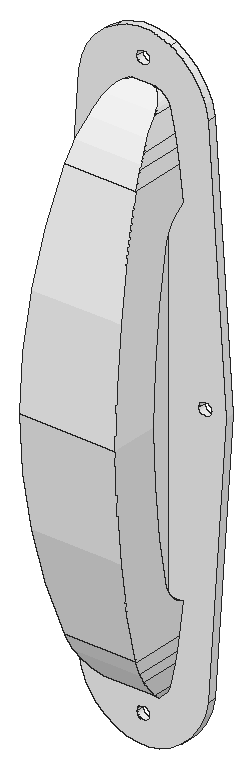
Revit family "KingswayGroup_PllHndls_ErgoGripAnti-LigatureHandleOnBackPlate", category Specialty Equipment, Revit 2020
Family settings
  Round Connector Dimension = Use Diameter
  Part Type = Normal
  Work Plane-Based = No
  Always vertical = Yes
  Cut with Voids When Loaded = No
  Shared = No
  Room Calculation Point = No
Parameters
  WarrantyStartDate [instance] = "1900-12-31T23:59:59"
  WarrantyGuarantorParts = "sales@kingswaygroup.co.uk"
  WarrantyGuarantorLabor = "n/a"
  WarrantyDurationUnit = "year"  # constant formula
  WarrantyDurationParts = "5"  # constant formula
  WarrantyDurationLabor = "n/a"
  WarrantyDescription = "5-Year Guarantee *For faulty manufacture and not for damage"  # constant formula
  Version = "1"
  Uniclass2015Version = "Products v1.36"
  Uniclass2015Title = "Pull handles"
  Uniclass2015Code = "Pr_30_36_59_64"
  URL = "https://kingswaygroupglobal.com/"
  TagNumber [instance] = "n/a"
  SustainabilityPerformance = "n/a"
  Size = "70 x 270 x 43 mm"
  Shape = "n/a"
  SerialNumber [instance] = "n/a"
  Revision = "n/a"
  ReplacementCost = "n/a"
  ProductInformation = "https://kingswaygroupglobal.com/product/anti-ligature-ergo-grip-handle-on-backplate?noredirect=true"
  NominalWidth = 43.00 mm  # constant formula
  NominalLength = 70.00 mm  # constant formula
  NominalHeight = 270.00 mm  # constant formula
  Name = "PullHandles_ErgoGripAnti-LigatureHandleOnBackPlate_KG40_KingswayGroup"
  ModelReference = "Ergo Grip Anti-Ligature Handle (On Backplate)"
  ModelNumber = "KG40"
  Model = ModelNumber  # "KG40"
  Material = "For full range of available material, contact Kingsway Group"
  ManufacturerURL = "https://kingswaygroupglobal.com/"
  ManufacturerName = "Kingsway Group"  # constant formula
  Manufacturer = ManufacturerName  # "Kingsway Group"
  InstallationDate [instance] = "1900-12-31T23:59:59"
  IfcExportType = "USERDEFINED"  # constant formula
  IfcExportAs = "IfcDiscreteAccessoryType"  # constant formula
  Grade = "n/a"
  Finish = "For full range of available finishes and colours, contact Kingsway Group"
  Features = "A stylish and modern anti-ligature pull handle that offers excellent grip, supplied on a large radiused-end finger plate with chamfered edges and countersunk fixing holes."
  ExpectedLife = "n/a"
  DurationUnit = "year"
  HandleMaterial [instance] = NBS_Concept
  Description = "Ergo Grip Pull Handle on Backplate"
  Default Elevation = 0.00 mm
  Constituents = "n/a"
  Color = "For full range of available finishes and colours, contact Kingsway Group"
  CodePerformance = "n/a"
  Category = "Pr_30_36_59_64:Pull handles"
  BarCode [instance] = "n/a"
  BIMObjectName = "KingswayGroup_PullHandles_ErgoGripAnti-LigatureHandleOnBackPlate"
  Author = "Kingsway Group"  # constant formula
  AssetType = "Fixed"
  AssetIdentifier [instance] = "n/a"
  AccessibilityPerformance = "n/a"
Reference planes
  plane 1 "Center (Front/Back)": y = 0
  plane 2: z = 0
  plane 3 "Center (Left/Right)": x = 0
Forms (mm)
  Extrusion 1, solid, material "NBS_Concept" <- "HandleMaterial"
    sketch origin (0, 0.059, 0.192) x (1, 0, 0) y (0, 0, 1)
      loop
        arc (-11.339, 132.089) -> (-22.17, 122.753) -> (-27.449, 109.464) r 30
        arc (-27.449, 109.464) -> (-35, -0.192) -> (-27.449, -109.848) r 800
        arc (-27.449, -109.848) -> (-22.17, -123.137) -> (-11.339, -132.473) r 30
        arc (-11.339, -132.473) -> (0, -135.192) -> (11.339, -132.473) r 25
        arc (11.339, -132.473) -> (22.17, -123.137) -> (27.449, -109.848) r 30
        arc (27.449, -109.848) -> (35, -0.192) -> (27.449, 109.464) r 800
        arc (27.449, 109.464) -> (22.17, 122.753) -> (11.339, 132.089) r 30
        arc (11.339, 132.089) -> (0, 134.808) -> (-11.339, 132.089) r 25
      loop
        circle (0.016, -123.354) r 2.742
      loop
        circle (26.117, 0.16) r 2.778
      loop
        circle (-26.087, 0.16) r 2.778
      loop
        circle (-0.006, 123.602) r 2.763
    from 0 to 3
  Extrusion 2, solid, material "NBS_Concept" <- "HandleMaterial"
    sketch origin (0, 0.059, 0) x (1, 0, 0) y (0, 0, 1)
      loop
        arc (-14.97, 88.527) -> (-20, -0.192) -> (-14.97, -88.911) r 785
        line (-14.97, -88.911) -> (-14.065, -95.164) -> (-13.265, -99.94) -> (-11, -109.415)
        arc (-11, -109.415) -> (-8.122, -113.587) -> (-3.315, -115.192) r 8
        line (-3.315, -115.192) -> (3.315, -115.192)
        arc (3.315, -115.192) -> (8.122, -113.587) -> (11, -109.415) r 8
        line (11, -109.415) -> (13.265, -99.94) -> (14.065, -95.164) -> (14.97, -88.911)
        arc (14.97, -88.911) -> (20, -0.192) -> (14.97, 88.527) r 785
        line (14.97, 88.527) -> (14.065, 94.78) -> (13.265, 99.556) -> (11, 109.031)
        arc (11, 109.031) -> (8.122, 113.203) -> (3.315, 114.808) r 8
        line (3.315, 114.808) -> (-3.315, 114.808)
        arc (-3.315, 114.808) -> (-8.122, 113.203) -> (-11, 109.031) r 8
        line (-11, 109.031) -> (-13.265, 99.556) -> (-14.065, 94.78) -> (-14.97, 88.527)
    from 3 to 43
  Extrusion 3, void
    sketch origin (0, 0.059, 0) x (0, 1, 0) y (0, 0, 1)
      loop
        arc (-25.757, 88.527) -> (-16.564, 103.561) -> (-3, 114.808) r 53.685
        line (-3, 114.808) -> (-3, 120.777) -> (-48, 120.777) -> (-48, 0) -> (-43, 0)
        arc (-43, 0) -> (-38.631, 45.092) -> (-25.757, 88.527) r 236.855
    from -33.866 to 33.508
  Extrusion 4, void
    sketch origin (0, 0.059, 0) x (0, 1, 0) y (0, 0, 1)
      loop
        arc (-25.757, -88.527) -> (-38.631, -45.092) -> (-43, 0) r 236.855
        line (-43, 0) -> (-48, 0) -> (-48, -120.777) -> (-3, -120.777) -> (-3, -114.808)
        arc (-3, -114.808) -> (-16.564, -103.561) -> (-25.757, -88.527) r 53.685
    from -33.866 to 33.508
  Extrusion 5, void
    sketch origin (0, 0.059, 0) x (0, 1, 0) y (0, 0, 1)
      loop
        arc (-13.07, 64.678) -> (-20.489, 32.716) -> (-23, 0) r 216.855
        arc (-23, 0) -> (-20.406, -33.249) -> (-12.745, -65.707) r 216.855
        line (-12.745, -65.707) -> (-10.179, -69.68) -> (-7.775, -72.131) -> (-4.994, -74.143) -> (-3, -75.193) -> (-3, 74.81) -> (-6.461, 72.79) -> (-9.025, 70.577) -> (-11.185, 67.969) -> (-13.07, 64.678)
    from 10 to 25
  Extrusion 6, void
    sketch origin (0, 0.059, 0) x (0, 1, 0) y (0, 0, -1)
      loop
        line (-13.07, -64.678) -> (-11.185, -67.969) -> (-9.025, -70.577) -> (-6.461, -72.79) -> (-3, -74.81) -> (-3, 75.193) -> (-4.994, 74.143) -> (-7.775, 72.131) -> (-10.179, 69.68) -> (-12.745, 65.707)
        arc (-12.745, 65.707) -> (-20.406, 33.249) -> (-23, 0) r 216.855
        arc (-23, 0) -> (-20.489, -32.716) -> (-13.07, -64.678) r 216.855
    from 10 to 25
Cuts and joins
  Extrusion 3, Extrusion 4, Extrusion 5, Extrusion 6 cuts Extrusion 2
Lines and regions (mm)
  symbolic lines
    curve 1: line (-20.001, -42.944, 0) -> (20.001, -42.944, 0)
Dimensions and locks
  aligned and locked: level to plane 2
